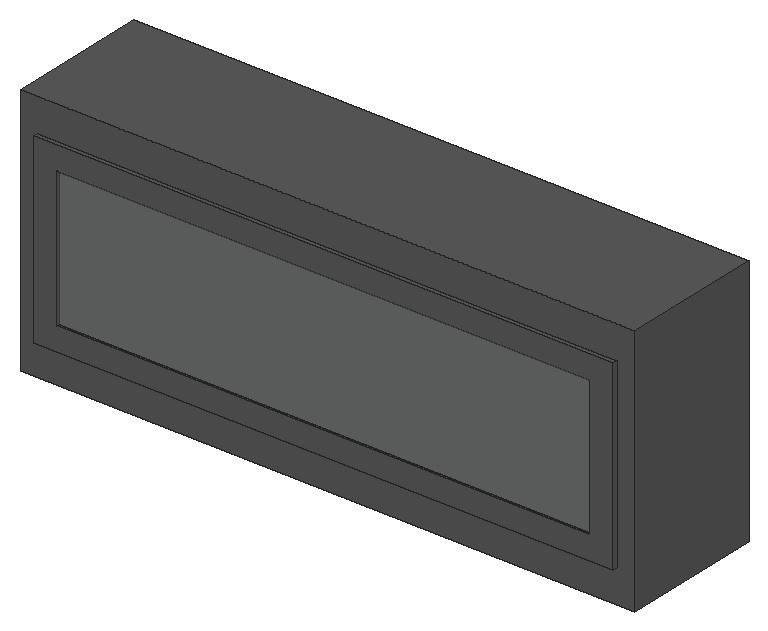
Revit family "EDRL48-1", category Generic Models, Revit 2023
Family settings
  Can host rebar = No
  Round Connector Dimension = Use Diameter
  Part Type = Normal
  Work Plane-Based = No
  Always vertical = Yes
  Cut with Voids When Loaded = No
  Maintain Annotation Orientation = No
  Shared = No
  Room Calculation Point = No
Parameters
  URL = "https://www.montigo.com/"
  Model = ""
  Manufacturer Fax = ""
  Manufacturer Website = "https://www.montigo.com/"
  Manufacturer Phone - Toll Free = "800-378-3115"
  Manufacturer Phone = ""
  Manufacturer Address = "27342 Gloucester Way  Langley, BC, Canada   V4W 4A1"
  Manufacturer = "Montigo"
  Keynote = ""
  Glazing Tint = Glass - Montigo - Tint as Specified
  Frame Material = Metal - Montigo - Black
  Firebox Material = Metal - Montigo - White
  Description = "Montigo Fireplace as Specified"
  Default Elevation = 0"
Reference planes (in)
  plane 1 "Center (Front/Back)": y = 0
  plane 2: z = 0
  plane 3 "Center (Left/Right)": x = 0
Forms (in)
  Extrusion 1, solid, material "Metal - Montigo - Black"
    sketch origin (0, 0, 0) x (1, 0, 0) y (0, 1, 0)
      loop
        line (-26.6875, 0) -> (26.6875, 0) -> (26.6875, 12.3125) -> (-26.6875, 12.3125) -> (-26.6875, 0)
    from 0 to 21.875
  Extrusion 2, solid, material "Metal - Montigo - Black"
    sketch origin (0, -3, 2.89844) x (1, 0, 0) y (0, 1, 0)
      loop
        line (-25.15625, 2.5625) -> (25.15625, 2.5625) -> (25.15625, 3) -> (-25.15625, 3) -> (-25.15625, 2.5625)
    from 0 to 16.07813
  Extrusion 3, void
    sketch origin (19.1875, -6.15625, 0) x (-1, 0, 0) y (0, 0, -1)
      loop
        line (42.34375, -16.97656) -> (42.34375, -4.89844) -> (-3.96875, -4.89844) -> (-3.96875, -16.97656) -> (42.34375, -16.97656)
    from -5.93578 to -5.71875
Cuts and joins
  Extrusion 3 cuts Extrusion 2
Lines and regions (in)
  symbolic lines
    curve 1: line (129.0333, -6.15625, 107.49519) -> (129.0333, -6.15625, 106.74519)
Dimensions and locks (in)
  aligned and locked: level to plane 2
